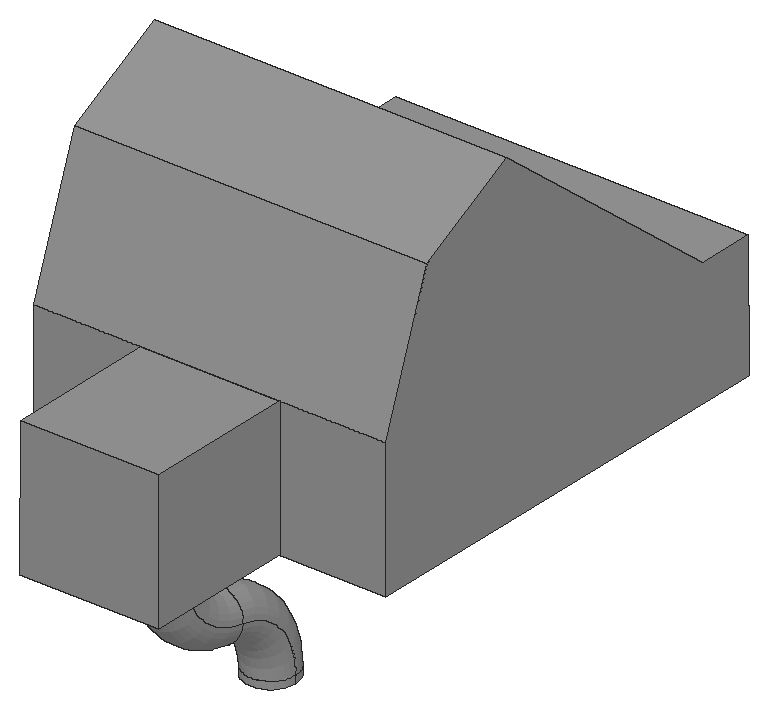
Revit family "Urinal-Willoughby-1814-UW-BJ-BS", category Plumbing Fixtures, Revit 2015
Parameters (values of type "Standard")
  Waste DIA = 2"
  Waste Connection = yes
  Vent Connection = no
  URL = "https://www.willoughby-ind.com/wp-content/uploads/2018/01/UW-1814-BJ.pdf"
  Type Comments = ""
  Revision = "A"
  Model = "UW-1814-BJ-BS"
  Manufacturer = "Willoughby Industries"
  HW Connection = no
  Flush Inlet DIA = 1 1/2"
  Flush Inlet Connection = yes
  Fixture Body = Stainless Steel AISI 304-Willoughby
  Description = "Blowout Jet Trough Urinal, Back Spud"
  Default Elevation = 1' - 2"
  Contact Info. = "(800) 428-4065"
  CW Connection = no
Reference planes (in)
  plane 1 "Center (Front/Back)": y = 0
  plane 2: z = 0
  plane 3 "Center (Left/Right)": x = 0
Forms (in)
  Extrusion 1, solid, material "Stainless Steel AISI 304-Willoughby" <- "Fixture Body"
    sketch origin (0, 0, 0) x (1, 0, 0) y (0, 0, 1)
      loop
        line (-7, 5) -> (-7, 0) -> (7, 0) -> (7, 5) -> (-7, 5)
    from -18 to 0
  Extrusion 2, solid, material "Stainless Steel AISI 304-Willoughby" <- "Fixture Body"
    sketch origin (0, 0, -0.06446) x (0, 1, 0) y (0, 0, 1)
      loop
        line (0, 5.06446) -> (15.75, 5.06446) -> (6, 13.06446) -> (2, 11.06446) -> (0, 5.56446) -> (0, 5.06446)
    from -7 to 7
  Extrusion 3, void, detail levels fine
    sketch origin (0, 0, 0) x (1, 0, 0) y (0, 0, 1)
      loop
        line (6.375, 12.375) -> (-6.375, 12.375) -> (-6.375, 2) -> (6.375, 2) -> (6.375, 12.375)
    from -5.08704 to -15.71619
  Extrusion 4, solid, material "Stainless Steel AISI 304-Willoughby" <- "Fixture Body"
    sketch origin (0, 0, 0) x (0, 1, 0) y (0, 0, 1)
      loop
        line (0, 5.5) -> (-6, 5.5) -> (-6, 0) -> (0, 0) -> (0, 5.5)
    from -2.75 to 2.75
  Sweep 5, solid, material "Stainless Steel AISI 304-Willoughby" <- "Fixture Body"
    path origin (0, 5.25, 0) x (0, 1, 0) y (0, 0, 1)
      loop
        arc (-7.74999, -0.0062) -> (-6.93002, -2.15812) -> (-4.89, -3.22652) r 3.25
        arc (-4.89, -3.22652) -> (-3.00501, -4.21486) -> (-2.25, -6.20484) r 3
        line (-2.25, -6.20484) -> (-2.25, -6.5)
    profile origin (0, 3, -6.35242) x (1, 0, 0) y (0, 1, 0)
      loop
        circle (0, 0) r 1
  Extrusion 6, solid
    sketch origin (0, 4.125, 0.25) x (1, 0, 0) y (0, 1, 0)
      loop
        circle (0, 12.75) r 0.75
    from -0.25 to 0.44537
Cuts and joins
  Extrusion 3 cuts Extrusion 1
  Extrusion 3 cuts Extrusion 2
  joined: Extrusion 1, Extrusion 2
Lines and regions (in)
  symbolic lines
    curve 1: line (2.75, 0, 0) -> (2.75, -6, 0)
    curve 2: line (2.75, -6, 0) -> (-2.75, -6, 0)
    curve 3: line (-2.75, -6, 0) -> (-2.75, 0, 0)
    curve 4: line (7, 0, 0) -> (-7, 0, 0)
    curve 5: line (-7, 0, 0) -> (-7, 18, 0)
    curve 6: line (-7, 18, 0) -> (7, 18, 0)
    curve 7: line (7, 18, 0) -> (7, 0, 0)
    curve 14: line (-7, 0, 0) -> (7, 0, 0)
    curve 15: line (7, 0, 0) -> (7, 0, 13)
    curve 16: line (7, 0, 13) -> (-7, 0, 13)
    curve 17: line (-7, 0, 13) -> (-7, 0, 0)
    curve 23: line (0, -6, 0) -> (0, 18, 0)
    curve 24: line (0, 18, 0) -> (0, 18, 5)
    curve 25: line (0, 18, 5) -> (0, 15.75, 5)
    curve 26: line (0, 15.75, 5) -> (0, 6, 13)
    curve 27: line (0, 6, 13) -> (0, 2, 11)
    curve 28: line (0, 2, 11) -> (0, 0, 5.5)
    curve 29: line (0, 0, 5.5) -> (0, -6, 5.5)
    curve 30: line (0, -6, 5.5) -> (0, -6, 0)
    curve 31: line (0, 0, 5.5) -> (0, 0, 0)
  symbolic lines, detail levels medium+fine
    curve 8: line (7, 2, 0) -> (-7, 2, 0)
    curve 9: line (7, 6, 0) -> (-7, 6, 0)
    curve 10: line (7, 15.75, 0) -> (-7, 15.75, 0)
    curve 18: line (-7, 0, 5) -> (7, 0, 5)
  symbolic lines, detail levels fine
    curve 11: line (-6.375, 15.75, 0) -> (-6.375, 6.76172, 0)
    curve 12: line (-6.375, 6.76172, 0) -> (6.375, 6.76172, 0)
    curve 13: line (6.375, 6.76172, 0) -> (6.375, 15.75, 0)
    curve 19: line (6.375, 0, 5.02774) -> (-6.375, 0, 5.02774)
    curve 20: line (-6.375, 0, 5.02774) -> (-6.375, 0, 12.375)
    curve 21: line (-6.375, 0, 12.375) -> (6.375, 0, 12.375)
    curve 22: line (6.375, 0, 12.375) -> (6.375, 0, 5.02774)
Dimensions and locks (in)
  aligned and locked: cut or joined group of Extrusion 1, Extrusion 2, Extrusion 3 to cut or joined group of Extrusion 1, Extrusion 2, Extrusion 3
Connectors (in)
  piping at (0, 3, -6.5), diameter 2, driven by "Waste Connection", driven by "Waste DIA"
    settings: on Sweep 5, index 1, connector inside diameter 2", connector length 0' - 0", flow factor 0, pipe flow 0 GPM, pressure drop 0.00 psi, fitting loss kfactor 0, connector angle 0.00°, fixture units 0, engagement length 0' - 0", angle of deflection 0.00°, flow configuration 0, flow direction 2, fitting loss method 0, system type 16, joint type 0, gender type 0, connector reference index -1, connector utility 1, adjustable connector yes, is connector primary yes, connector description "Urinal Waste"
  piping at (0, 16.875, 0), diameter 1.5, driven by "Flush Inlet Connection", driven by "Flush Inlet DIA"
    settings: on Extrusion 6, index 2, connector inside diameter 3/4", connector length 0' - 0", flow factor 0, pipe flow 0 GPM, pressure drop 0.00 psi, fitting loss kfactor 0, connector angle 0.00°, fixture units 0, engagement length 0' - 0", angle of deflection 0.00°, flow configuration 0, flow direction 1, fitting loss method 0, system type 20, joint type 0, gender type 0, connector reference index -1, connector utility 1, adjustable connector no, is connector primary no, connector description "Flush Inlet"
